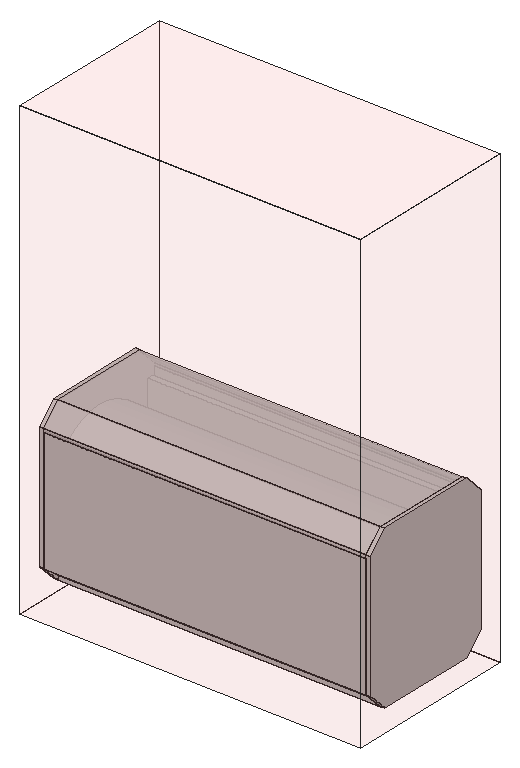
Revit family "Air-Curtain_Insect-Control_PoweredAire_BCE-BCT", category Mechanical Equipment, host Face, Revit 2024
Family settings
  Host = Face
  Round Connector Dimension = Use Diameter
  Part Type = Normal
  OmniClass Number = 23.75.35.17.21
  OmniClass Title = Air Curtains
  Cut with Voids When Loaded = No
  Maintain Annotation Orientation = No
  Shared = No
  Room Calculation Point = No
Parameters
  Warranty Duration (Years) = 0
  Unit Width Notes = "Other Widths available."  # constant formula
  Unit Width = 3' - 0"
  Unit Weight = 0
  Unit Height = 1' - 3"
  Unit Depth = 1' - 5 1/2"
  URL = "http://www.poweredaire.com/"
  Test Data = ""
  Standards Conformance = "as Specified"
  Specification = "http://www.arcat.com/sdspecs/htm04/23_34_33pai.htm"
  SpecWizard = ""
  Sound Pressure = "as Specified"
  Sales Information = "http://www.poweredaire.com/contact_us"
  Revision = "R1_2016-08"
  Projection from Host [instance] = 0' - 2"
  Product Properties = ""
  Product Data = "http://www.arcat.com/arcatcos/cos47/arc47623.html"
  Power Rating = 0 W
  Nozzle Width = if(1 = 1, Unit Width - 0' 1", 0' 0")  # 2' - 11"
  Mounting Width = if(1 = 1, Unit Width - 0' 0 15/16", 0' 0")  # 2' - 11 1/16"
  Mounting Height [instance] = 3' - 6"
  Motor RPM = 0
  Motor HP = 0
  Motor Count = 0
  Model = "As Specified"
  Max Height = 0' - 0"
  Manufacturer Website = "http://www.poweredaire.com/"
  Manufacturer Phone - Toll Free = "888-321-2473"
  Manufacturer Phone = "724-588-3305"
  Manufacturer Fax = "724-588-3371"
  Manufacturer Address = "109 Mortensen Rd.  Greenville, PA 16125"
  Manufacturer = "Powered Aire, Inc"
  Maintenance Schedule (Months) = 0
  Keynote = "23 34 33"
  Installation-Fabrication = ""
  Installation Phase = ""
  Include Clearance [instance] = yes
  Heating Element Load = 0 W
  HVAC_Temperature Rise = 0 °F
  HVAC_Outlet Volume = 0 CFM
  HVAC_Outlet Velocity Uniformity = 0
  HVAC_Outlet Velocity = 0 FPM
  Green Building-LEED = "http://www.arcat.com/green/clients/leed_data_47623.html"
  Front Grating Material [instance] = Metal - Steel - PoweredAire - Stainless 304 Perforated
  Frame Finish [instance] = Metal - Steel - PoweredAire - Stainless 304
  Expected Lifespan (Years) = 0
  Electrical_Wattage [instance] = Power Rating + Heating Element Load  # 0 W
  Electrical_Voltage [instance] = 0 V
  Electrical_Phase [instance] = 1
  Electrical_Frequency [instance] = 0 Hz
  Electrical_Amperage [instance] = 0 A
  Drawn By = "Sumex Design, Inc. / Robert S. Weygant, CSI, CDT, SCIP"
  Description = "Powered Aire Air Curtain as Specified"
  Default Elevation = 0' - 0"  # constant formula
  Copyright = "©Arcat Inc."
  Construction Details = "http://www.arcat.com/details/powair/prod3336.html"
  Clearance_Top [instance] = 0' - 2"
  Clearance_Side B [instance] = 0' - 0 1/2"
  Clearance_Side A [instance] = 0' - 0 1/2"
  Clearance_Intake [instance] = 2' - 6"
  Clearance_Bottom [instance] = 0' - 2"
  Clearance Material [instance] = ARCAT Clearance
  Building Codes = ""
  Available Options [instance] = "as Specified"
  Assembly Code = "D3090400"
Reference planes (in)
  plane 1 "Center (Elevation)": y = 0.13818
  plane 2: z = 0
  plane 3 "Center (Left/Right)": x = 0
  plane 4: y = 7.63818
  plane 5: y = -7.36182
  plane 6: x = -18
  plane 7: x = 18
  plane 8: z = 19.5
  plane 9 "FF": y = -41.86182
  plane 10: z = 2
  plane 11: x = 17.5
  plane 12: x = -17.5
  plane 13: y = 9.63818
  plane 14: y = -9.36182
  plane 15: x = -18.5
  plane 16: x = 18.5
  plane 17: z = 49.5
Forms (in)
  Extrusion 1, solid, material "Metal - Steel - PoweredAire - Stainless 304" <- "Frame Finish"
    sketch origin (0, 0, 0) x (0, 1, 0) y (0, 0, 1)
      loop
        line (5.69363, 2) -> (7.63818, 3.94454) -> (7.63818, 17.55546) -> (5.69363, 19.5) -> (-5.41728, 19.5) -> (-7.36182, 17.55546) -> (-7.36182, 3.94454) -> (-5.41728, 2) -> (5.69363, 2)
    from 17.5 to 18
  Extrusion 2, solid, material "Metal - Steel - PoweredAire - Stainless 304" <- "Frame Finish"
    sketch origin (0, 0, -0.5) x (0, 1, 0) y (0, 0, 1)
      loop
        circle (0.13818, 10.9739) r 6.25
      loop
        line (6.63818, 16.89427) -> (6.63818, 5.87829) -> (7.33849, 5.87829) -> (7.33849, 16.89427) -> (6.63818, 16.89427)
      loop
        line (-7.02798, 16.76927) -> (-7.02798, 5.75329) -> (-6.36182, 5.75329) -> (-6.36182, 16.76927) -> (-7.02798, 16.76927)
    from -17.5 to 17.5
  Extrusion 3, solid, material "Metal - Steel - PoweredAire - Stainless 304" <- "Frame Finish"
    sketch origin (0, 0, 0) x (0, 1, 0) y (0, 0, -1)
      loop
        line (5.69363, -2) -> (-5.41728, -2) -> (-7.36182, -3.94454) -> (-7.36182, -17.55546) -> (-5.41728, -19.5) -> (5.69363, -19.5) -> (7.63818, -17.55546) -> (7.63818, -3.94454) -> (5.69363, -2)
    from 17.5 to 18
  Extrusion 4, solid, material "Metal - Steel - PoweredAire - Stainless 304" <- "Frame Finish"
    sketch origin (0, 0, 0) x (0, 1, 0) y (0, 0, 1)
      loop
        line (-5.41728, 2) -> (5.69363, 2) -> (7.63818, 3.94454) -> (7.63818, 17.19454) -> (7.51318, 17.19454) -> (7.51318, 3.99632) -> (5.64186, 2.125) -> (-5.29228, 2.125) -> (-5.29228, 4.06954) -> (-7.23682, 4.06954) -> (-7.23682, 17.19454) -> (-7.36182, 17.19454) -> (-7.36182, 3.94454) -> (-5.41728, 3.94454) -> (-5.41728, 2)
      loop
        line (-6.64819, 3.61034) -> (-5.8702, 2.83235) -> (-5.74472, 2.95783) -> (-6.52271, 3.73583) -> (-6.64819, 3.61034)
    from -17.5 to 17.5
  Extrusion 5, solid, material "Metal - Steel - PoweredAire - Stainless 304 Perforated" <- "Front Grating Material"
    sketch origin (0, 0, 0) x (0, 1, 0) y (0, 0, 1)
      loop
        line (-7.36182, 17.19454) -> (-7.23682, 17.19454) -> (-7.23682, 17.50368) -> (-5.3655, 19.375) -> (5.64186, 19.375) -> (7.51318, 17.50368) -> (7.51318, 17.19454) -> (7.63818, 17.19454) -> (7.63818, 17.55546) -> (5.69363, 19.5) -> (-5.41728, 19.5) -> (-7.36182, 17.55546) -> (-7.36182, 17.19454)
    from -17.5 to 17.5
  Extrusion 6, solid, material "ARCAT Clearance" <- "Clearance Material", visible <- "Include Clearance"
    sketch origin (0, 0, 0) x (0, 1, 0) y (0, 0, 1)
      loop
        line (-9.36182, 49.5) -> (-9.36182, 0) -> (9.63818, 0) -> (9.63818, 49.5) -> (-9.36182, 49.5)
    from -18.5 to 18.5
Dimensions and locks (in)
  equal spacing: plane 4, plane 1 "Center (Elevation)", plane 5
  "Unit Height": plane 4 to plane 5
  equal spacing: plane 6, plane 3 "Center (Left/Right)", plane 7
  "Unit Width": plane 6 to plane 7
  "Mounting Height": plane 1 "Center (Elevation)" to plane 9 "FF"
  "Projection from Host": plane 10 to level
  "Unit Depth": plane 8 to plane 10
  locked: plane 6 to plane 12 at 0.5
  locked: plane 11 to plane 7 at 0.5
  "Clearance_Side A": plane 7 to plane 16
  "Clearance_Side B": plane 15 to plane 6
  "Clearance_Top": plane 13 to plane 4
  "Clearance_Bottom": plane 5 to plane 14
  "Clearance_Intake": plane 17 to plane 8
  aligned and locked: plane 2 to host face
  aligned and locked: level to host face
  aligned and locked: plane 7 to Extrusion 1
  aligned and locked: Extrusion 1 to plane 11
  aligned and locked: plane 12 to Extrusion 3
  aligned and locked: Extrusion 3 to plane 6
  aligned and locked: Extrusion 2 to plane 12
  aligned and locked: plane 11 to Extrusion 2
  aligned and locked: plane 11 to Extrusion 4
  aligned and locked: Extrusion 4 to plane 12
  aligned and locked: plane 11 to Extrusion 5
  aligned and locked: Extrusion 5 to plane 12
  aligned and locked: Extrusion 6 sketch curve to plane 17
  aligned and locked: plane 14 to Extrusion 6 sketch curve
  aligned and locked: level to Extrusion 6 sketch curve
  aligned and locked: Extrusion 6 sketch curve to plane 13
  aligned and locked: plane 16 to Extrusion 6
  aligned and locked: Extrusion 6 to plane 15
Automatic sketch dimensions
  host sketch curve to host sketch curve = 8' - 0"  (x2)
  Extrusion 1 sketch curve to plane 5 = 0' - 0"
  Extrusion 1 sketch curve to plane 8 = 0' - 0"
  Extrusion 1 sketch curve to plane 10 = 0' - 0"
  Extrusion 1 sketch curve to plane 4 = 0' - 0"
  plane 5 to Extrusion 1 sketch curve = 0' - 1.94454"  (x2)
  Extrusion 1 sketch curve to plane 4 = 0' - 1.94454"  (x2)
  plane 10 to Extrusion 1 sketch curve = 0' - 1.94454"  (x2)
  Extrusion 1 sketch curve to plane 8 = 0' - 1.94454"  (x2)
  Extrusion 2 sketch curve to plane 1 "Center (Elevation)" = 0' - 0"
  plane 5 to Extrusion 2 sketch curve = 0' - 1"
  plane 5 to Extrusion 2 sketch curve = 0' - 0.33384"
  Extrusion 2 sketch curve to plane 4 = 0' - 1"
  Extrusion 2 sketch curve to plane 4 = 0' - 0.29969"
  plane 10 to Extrusion 2 sketch curve = 0' - 3.37829"
  plane 10 to Extrusion 2 sketch curve = 0' - 3.25329"
  Extrusion 2 sketch curve to plane 8 = 0' - 9.0261"
  Extrusion 2 sketch curve to plane 8 = 0' - 3.23073"
  Extrusion 2 sketch curve to plane 8 = 0' - 3.10573"
  Extrusion 3 sketch curve to plane 5 = 0' - 0"
  Extrusion 3 sketch curve to plane 8 = 0' - 0"
  Extrusion 3 sketch curve to plane 10 = 0' - 0"
  Extrusion 3 sketch curve to plane 4 = 0' - 0"
  plane 5 to Extrusion 3 sketch curve = 0' - 1.94454"  (x2)
  Extrusion 3 sketch curve to plane 4 = 0' - 1.94454"  (x2)
  Extrusion 3 sketch curve to plane 8 = 0' - 1.94454"  (x2)
  plane 10 to Extrusion 3 sketch curve = 0' - 1.94454"  (x2)
  Extrusion 4 sketch curve to plane 5 = 0' - 0"
  Extrusion 4 sketch curve to plane 10 = 0' - 0"
  Extrusion 4 sketch curve to plane 4 = 0' - 0"
  plane 5 to Extrusion 4 sketch curve = 0' - 0 1/8"
  plane 5 to Extrusion 4 sketch curve = 0' - 0.71363"
  Extrusion 4 sketch curve to Extrusion 4 sketch curve = 0' - 0.12548"  (x2)
  Extrusion 4 sketch curve to Extrusion 4 sketch curve = 0' - 0.778"
  Extrusion 4 sketch curve to Extrusion 4 sketch curve = 0' - 0.32744"
  Extrusion 4 sketch curve to Extrusion 4 sketch curve = 0' - 0 1/8"  (x2)
  plane 10 to Extrusion 4 sketch curve = 0' - 0 1/8"
  Extrusion 4 sketch curve to plane 4 = 0' - 1.99632"
  Extrusion 4 sketch curve to Extrusion 4 sketch curve = 0' - 0.05178"  (x2)
  plane 10 to Extrusion 4 sketch curve = 0' - 0.83235"
  plane 10 to Extrusion 4 sketch curve = 0' - 1.94454"
  Extrusion 4 sketch curve to Extrusion 4 sketch curve = 0' - 0.3342"
  Extrusion 4 sketch curve to plane 4 = 0' - 0 1/8"
  Extrusion 4 sketch curve to plane 8 = 0' - 2.30546"  (x2)
  Extrusion 5 sketch curve to plane 5 = 0' - 0"
  Extrusion 5 sketch curve to plane 8 = 0' - 0"
  Extrusion 5 sketch curve to plane 4 = 0' - 0"
  plane 5 to Extrusion 5 sketch curve = 0' - 0 1/8"
  plane 5 to Extrusion 5 sketch curve = 0' - 1.94454"
  Extrusion 5 sketch curve to plane 8 = 0' - 0 1/8"
  Extrusion 5 sketch curve to Extrusion 5 sketch curve = 0' - 0.05178"  (x4)
  Extrusion 5 sketch curve to plane 4 = 0' - 1.99632"
  Extrusion 5 sketch curve to plane 8 = 0' - 1.94454"  (x2)
  Extrusion 5 sketch curve to Extrusion 5 sketch curve = 0' - 0 1/8"
  Extrusion 5 sketch curve to Extrusion 5 sketch curve = 0' - 0.30914"  (x2)
  radius of Extrusion 2 sketch curve = 0' - 6 1/4"
Connectors (in)
  electrical at (0, 7.63818, 10.56954), driven by "Electrical_Phase", driven by "Electrical_Voltage"
    settings: on Extrusion 4, index 1, voltage 0 V, apparent load 0 VA, apparent load phase1 0 VA, apparent load phase2 0 VA, apparent load phase3 0 VA, power factor 1, load classification "Motor", number of poles 1, system type 31, power factor state 1, is connector primary yes, connector utility no, sub classification motor no, connector description ""
